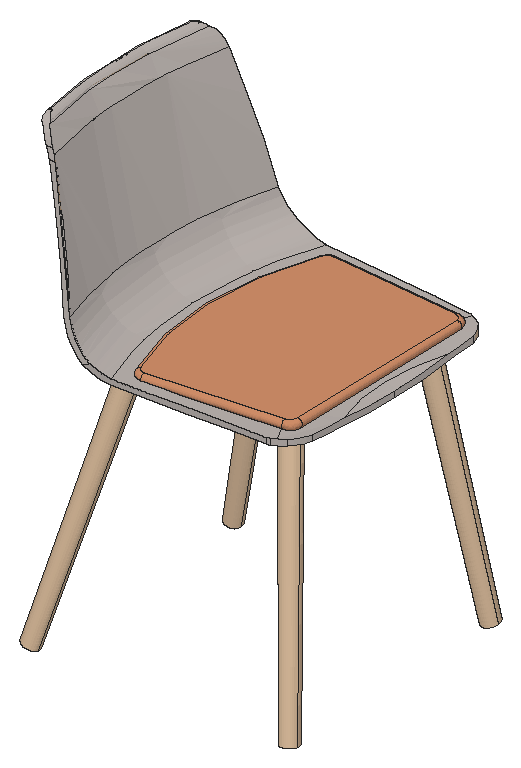
Revit family "FU_Chair_Sandler_VARYA_1-3", category Furniture, Revit 2020
Family settings
  OmniClass Number = 23.21.23.15.17
  Work Plane-Based = Yes
  Always vertical = No
  Cut with Voids When Loaded = No
  Shared = No
  Room Calculation Point = No
Parameters (values of type "VARYA 1.4")
  width = 465.000 mm
  Youtube clip = ""
  Uniformat II Description = "Movable Furnishings"
  Uniformat II Code = ""
  Uniclass 2015 Name = ""
  Uniclass 2015 Code = ""
  Uniclass 2.0 Description = ""
  Uniclass 2.0 Code = ""
  Uniclass 1.4 Description = ""
  Uniclass 1.4 Code = ""
  UNSPSC Code = ""
  Shell = TP02 : TP02
  Frame = BS03 : BS03
  Technical description = ""
  Shell Material = M2_M82
  Seat Material = Fabric - Aspect - Amalfi
  Height Frame = 455.000 mm
  Frame Material = Wood - Oak - Natural
  401D = no
  Region South America = "All"
  Region Oceania = "All"
  Region North America = "All"
  Region Middle East = "All"
  Region Europe = "All"
  Region Asia = "All"
  Region Antarctica = "All"
  Region Africa = "All"
  QR code = "https://www.sandlerseating.com/product/dunas-lounge-5-1/"
  Product url = ""
  Product name = "VARYA 1.4"
  Product group = "Chair"
  Product family = "Furniture"
  Product data url = "https://www.sandlerseating.com/product/varya-1-4/"
  Product certification = ""
  Product SKU = "??"
  Product Guid = "??"
  OmniClass Description = ""
  OmniClass Code = "23-21 23 15 17"
  NBS Reference Description = ""
  NBS Reference Code = ""
  Model = "VARYA 1.4"
  Masterformat 2014 Description = "Chair Mats"
  Masterformat 2014 Code = "12 48 43.13"
  Manufacturer name = "Sandler"
  Manufacturer country = "USA"
  Manufacturer = "Sandler"
  401G = no
  Installation instructions = ""
  IFC Classification = "Furnishing Element"
  GTIN code = ""
  Edition number = 1
  Design country = "Brasil"
  Description = "Chair"
  Default Elevation = 1219.200 mm
  Date of publishing = ""
  COBIe Type Category = ""
  Brand url = "https://www.sandlerseating.com/"
  BIMobject main category code = "furniture"
  BIMobject main category = "Furniture"
  BIMobject category code = "furniture-chair"
  BIMobject category = "Chair"
Types (2, lengths in mm): name | width | Shell | Shell Material | Seat Material | Frame Material | Product name | Product data url | Model
  VARYA 1.4 PP | 640.000 | TP01 : TP01 | M2_M38 | M2_M38 | Wood - Beech - Natural | "VARYA 1.4 PP" | "https://www.sandlerseating.com/product/varya-1-4-pp/" | "VARYA 1.4 PP"
  VARYA 1.4 | 465.000 | TP02 : TP02 | M2_M82 | Fabric - Aspect - Amalfi | Wood - Oak - Natural | "VARYA 1.4" | "https://www.sandlerseating.com/product/varya-1-4/" | "VARYA 1.4"
Reference planes
  plane 1 "Center Front/Back": y = 0
  plane 2: z = 0
  plane 3 "Center Left/Right": x = 0
  plane 4 "Heigth Shell": z = 455
  plane 5: z = 815
  plane 6: y = -232.5
  plane 7: y = 232.5
Dimensions and locks
  "Height Frame": plane 4 "Heigth Shell" to plane 2
  equal spacing: plane 6, plane 1 "Center Front/Back", plane 7
  "width": plane 6 to plane 7
  aligned and locked: level to plane 2
Nested families
  nested 1: "BS03" at (-51.25, 1.648, 0) x (0, 1, 0) z (0, 0, 1), type <- "Frame", Frame Material <- "Frame Material", type "BS03"
    with Frame Material Wood - Oak - Natural
  nested 2: "TP02" at (-60, 0, 424.2) x (0, 1, 0) z (0, 0, 1), type <- "Shell", Shell Material <- "Shell Material", Seat Material <- "Seat Material", type "TP02"
    with Shell Material M2_M82, Seat Material Fabric - Aspect - Amalfi
Definition of nested family "BS03"
  Parameters (values of type "BS03")
    Frame Material [instance] = none
    Default Elevation = 0.000 mm
  Reference planes
    plane 1 "Center (Front/Back)": y = 0
    plane 2: z = 0
    plane 3 "Center (Left/Right)": x = 0
  Forms (mm)
    SweptBlend 1, solid, material <- "Frame Material"
      path origin (-188.431, -50.962, 198.192) x (0, 1, 0) y (0.156434, 0, 0.987688)
        loop
          line (-133.261, 263.809) -> (-188.268, -195.449)
      profile origin (-147.163, -184.224, 458.754) x (-0.018604, 0.992903, -0.117459) y (0.987688, 0, -0.156434)
        loop
          circle (0, 0) r 18
      end profile origin (-219.006, -239.231, 5.149) x (-0.018604, 0.992903, -0.117459) y (0.987688, 0, -0.156434)
        loop
          circle (0, 0) r 15
    SweptBlend 2, solid, material <- "Frame Material"
      path origin (-188.431, -53.297, 206.798) x (0, 1, 0) y (0.156434, 0, 0.987688)
        loop
          line (136.681, 267.947) -> (263.296, -204.584)
      profile origin (-146.515, 83.384, 471.446) x (0.040488, 0.965926, 0.255633) y (0.987688, 0, -0.156434)
        loop
          circle (0, 0) r 18
      end profile origin (-220.435, 209.999, 4.733) x (0.040488, 0.965926, 0.255633) y (0.987688, 0, -0.156434)
        loop
          circle (0, 0) r 15
    SweptBlend 3, solid, material <- "Frame Material"
      path origin (188.431, -50.962, 198.192) x (0, 1, 0) y (0.156434, 0, -0.987688)
        loop
          line (-133.261, -263.809) -> (-188.268, 195.449)
      profile origin (147.163, -184.224, 458.754) x (-0.018604, -0.992903, 0.117459) y (-0.987688, 0, -0.156434)
        loop
          circle (0, 0) r 18
      end profile origin (219.006, -239.231, 5.149) x (-0.018604, -0.992903, 0.117459) y (-0.987688, 0, -0.156434)
        loop
          circle (0, 0) r 15
    SweptBlend 4, solid, material <- "Frame Material"
      path origin (188.431, -53.297, 206.798) x (0, 1, 0) y (0.156434, 0, -0.987688)
        loop
          line (136.681, -267.947) -> (263.296, 204.584)
      profile origin (146.515, 83.384, 471.446) x (0.040488, -0.965926, -0.255633) y (-0.987688, 0, -0.156434)
        loop
          circle (0, 0) r 18
      end profile origin (220.435, 209.999, 4.733) x (0.040488, -0.965926, -0.255633) y (-0.987688, 0, -0.156434)
        loop
          circle (0, 0) r 15
  Dimensions and locks
    aligned and locked: level to plane 2
Definition of nested family "TP02"
  Parameters (values of type "TP02")
    Youtube clip = ""
    Uniformat II Description = "Movable Furnishings"
    Uniformat II Code = ""
    Uniclass 2015 Name = ""
    Uniclass 2015 Code = ""
    Uniclass 2.0 Description = ""
    Uniclass 2.0 Code = ""
    Uniclass 1.4 Description = ""
    Uniclass 1.4 Code = ""
    UNSPSC Code = ""
    Technical description = ""
    Seat Material [instance] = none
    Default Elevation = 1219.200 mm
    401D = no
    Region South America = "All"
    Region Oceania = "All"
    Region North America = "All"
    Region Middle East = "All"
    Region Europe = "All"
    Region Asia = "All"
    Region Antarctica = "All"
    Region Africa = "All"
    QR code = "https://www.sandlerseating.com/product/dunas-lounge-5-1/"
    Product url = ""
    Product name = "Dunas Lounge 5.1"
    Product group = "Chair"
    Product family = "Furniture"
    Product data url = "https://www.sandlerseating.com/product/dunas-lounge-5-1/"
    Product certification = ""
    Product SKU = "??"
    Product Guid = "??"
    OmniClass Description = ""
    OmniClass Code = "23-21 23 15 17"
    NBS Reference Description = ""
    NBS Reference Code = ""
    Model = "Dunas Lounge 5.1"  # constant formula
    Masterformat 2014 Description = "Chair Mats"
    Masterformat 2014 Code = "12 48 43.13"
    Manufacturer name = "Sandler"
    Manufacturer country = "USA"
    Manufacturer = "Sandler"  # constant formula
    401G = yes
    Installation instructions = ""
    IFC Classification = "Furnishing Element"
    GTIN code = ""
    Edition number = 1
    Design country = "Brasil"
    Description = "Chair"  # constant formula
    Date of publishing = ""
    COBIe Type Category = ""
    Brand url = "https://www.sandlerseating.com/"
    Shell Material [instance] = none
    BIMobject main category code = "furniture"
    BIMobject main category = "Furniture"
    BIMobject category code = "furniture-chair"
    BIMobject category = "Chair"
  Reference planes
    plane 1 "Center Front/Back": y = 0
    plane 2: z = 0
    plane 3 "Center Left/Right": x = 0
    plane 4: y = 234.279
    plane 5: x = 400
    plane 6: x = -400
    plane 7: y = -500
    plane 8: x = -600
    plane 9: x = 600
    plane 10 "Pivo": y = -89.33
  Forms (mm)
    SweptBlend 1, solid, material <- "Shell Material"
      path origin (5.681, -212.5, 0) x (1, 0, 0) y (0, 1, 0)
        loop
          arc (-317.221, 139.285) -> (-9.402, 229.926) -> (301.107, 148.975) r 600
      profile "Profile Lateral : Profile Lateral" origin (-311.539, -73.215, 0) x (-0.528701, 0.848808, 0) y (0, 0, 1)
        loop
          arc (220.072, 373.875) -> (220.776, 379.083) -> (216.324, 381.876) r 4.851
          arc (216.324, 381.876) -> (209.979, 378.228) -> (205.376, 372.537) r 19.958
          arc (205.376, 372.537) -> (196.162, 356.573) -> (188.635, 339.748) r 179.403
          arc (188.635, 339.748) -> (162.543, 233.058) -> (144.335, 124.743) r 1498.854
          arc (144.335, 124.743) -> (120.197, 79.841) -> (74.028, 58.225) r 81.068
          line (74.028, 58.225) -> (-180.577, 50.222)
          arc (-180.577, 50.222) -> (-217.915, 49.974) -> (-255.089, 46.48) r 428.848
          arc (-255.089, 46.48) -> (-277.323, 40.838) -> (-297.701, 30.309) r 100.67
          arc (-297.701, 30.309) -> (-299.067, 23.371) -> (-292.129, 22.005) r 5
          arc (-292.129, 22.005) -> (-273.768, 31.491) -> (-253.736, 36.572) r 90.67
          arc (-253.736, 36.572) -> (-217.251, 39.995) -> (-180.606, 40.216) r 418.848
          line (-180.606, 40.216) -> (74.763, 48.243)
          arc (74.763, 48.243) -> (126.989, 72.501) -> (154.223, 123.238) r 91.068
          arc (154.223, 123.238) -> (172.269, 230.706) -> (198.126, 336.566) r 1488.854
          arc (198.126, 336.566) -> (205.277, 352.434) -> (214.019, 367.485) r 169.403
          arc (214.019, 367.485) -> (216.964, 370.757) -> (220.072, 373.875) r 86.344
      end profile "Profile Lateral : Profile Lateral" origin (306.788, -63.525, 0) x (0.501844, 0.864958, 0) y (0, 0, 1)
        loop
          arc (220.072, 373.875) -> (220.776, 379.083) -> (216.324, 381.876) r 4.851
          arc (216.324, 381.876) -> (209.979, 378.228) -> (205.376, 372.537) r 19.958
          arc (205.376, 372.537) -> (196.162, 356.573) -> (188.635, 339.748) r 179.403
          arc (188.635, 339.748) -> (162.543, 233.058) -> (144.335, 124.743) r 1498.854
          arc (144.335, 124.743) -> (120.197, 79.841) -> (74.028, 58.225) r 81.068
          line (74.028, 58.225) -> (-180.577, 50.222)
          arc (-180.577, 50.222) -> (-217.915, 49.974) -> (-255.089, 46.48) r 428.848
          arc (-255.089, 46.48) -> (-277.323, 40.838) -> (-297.701, 30.309) r 100.67
          arc (-297.701, 30.309) -> (-299.067, 23.371) -> (-292.129, 22.005) r 5
          arc (-292.129, 22.005) -> (-273.768, 31.491) -> (-253.736, 36.572) r 90.67
          arc (-253.736, 36.572) -> (-217.251, 39.995) -> (-180.606, 40.216) r 418.848
          line (-180.606, 40.216) -> (74.763, 48.243)
          arc (74.763, 48.243) -> (126.989, 72.501) -> (154.223, 123.238) r 91.068
          arc (154.223, 123.238) -> (172.269, 230.706) -> (198.126, 336.566) r 1488.854
          arc (198.126, 336.566) -> (205.277, 352.434) -> (214.019, 367.485) r 169.403
          arc (214.019, 367.485) -> (216.964, 370.757) -> (220.072, 373.875) r 86.344
    Extrusion 2, void
      sketch origin (5.681, 0, 0) x (1, 0, 0) y (0, 1, 0)
        loop
          line (-247.765, 106.22) -> (-247.765, 266.22) -> (-487.765, 266.22) -> (-487.765, -333.78) -> (-7.5, -333.78) -> (472.765, -333.78) -> (472.765, 266.22) -> (232.765, 266.22) -> (232.765, 106.22) -> (213.357, -213.191)
          arc (213.357, -213.191) -> (196.502, -241.247) -> (166.837, -255.077) r 55.957
          arc (166.837, -255.077) -> (79.688, -257.728) -> (-7.5, -258.12) r 3363.946
          arc (-7.5, -258.12) -> (-94.688, -257.728) -> (-181.837, -255.077) r 3363.946
          arc (-181.837, -255.077) -> (-211.502, -241.247) -> (-228.357, -213.191) r 55.957
          line (-228.357, -213.191) -> (-247.765, 106.22)
      from 0 to 250
    Extrusion 3, void
      sketch origin (5.681, 0, 0) x (1, 0, 0) y (0, 0, 1)
        loop
          line (232.252, 65.67) -> (445.023, 65.67) -> (445.023, 415.67) -> (145.999, 415.67) -> (145.999, 382.34)
          arc (145.999, 382.34) -> (169.969, 371.303) -> (183.516, 348.657) r 44.637
          line (183.516, 348.657) -> (232.252, 65.67)
        loop
          line (-246.936, 65.67) -> (-200.298, 330.165) -> (-196.12, 348.236)
          arc (-196.12, 348.236) -> (-183.265, 370.366) -> (-160.18, 381.415) r 43.434
          line (-160.18, 381.415) -> (-160.18, 415.67) -> (-460.023, 415.67) -> (-460.023, 65.67) -> (-246.936, 65.67)
      from -241.575 to -47.482
    Extrusion 4, solid, material <- "Seat Material"
      sketch origin (7.5, 0, 0) x (1, 0, 0) y (0, 1, 0)
        loop
          arc (-209.681, 32.791) -> (-219.206, 24.695) -> (-222.063, 12.524) r 20
          line (-222.063, 12.524) -> (-201.985, -216.973)
          arc (-201.985, -216.973) -> (-195.573, -229.976) -> (-182.061, -235.23) r 20
          line (-182.061, -235.23) -> (165.399, -235.23)
          arc (165.399, -235.23) -> (178.911, -229.976) -> (185.323, -216.973) r 20
          line (185.323, -216.973) -> (205.402, 12.524)
          arc (205.402, 12.524) -> (202.545, 24.695) -> (193.019, 32.791) r 20
          arc (193.019, 32.791) -> (-8.331, 72.209) -> (-209.681, 32.791) r 533.965
      from 50.222 to 65
    Sweep 5, void
      path in 3D
        loop
          arc (172.899, -235.23, 65) -> (186.411, -229.976, 65) -> (192.823, -216.973, 65) r 20
          line (192.823, -216.973, 65) -> (212.902, 12.524, 65)
          arc (212.902, 12.524, 65) -> (210.045, 24.695, 65) -> (200.519, 32.791, 65) r 20
          arc (200.519, 32.791, 65) -> (-0.831, 72.209, 65) -> (-202.181, 32.791, 65) r 533.965
          arc (-202.181, 32.791, 65) -> (-211.706, 24.695, 65) -> (-214.563, 12.524, 65) r 20
          line (-214.563, 12.524, 65) -> (-194.485, -216.973, 65)
          arc (-194.485, -216.973, 65) -> (-188.073, -229.976, 65) -> (-174.561, -235.23, 65) r 20
          line (-174.561, -235.23, 65) -> (172.899, -235.23, 65)
      profile origin (-0.831, -235.23, 65) x (0, 1, 0) y (0, 0, 1)
        loop
          line (7.389, 0) -> (-2.611, 0) -> (-2.611, -14.778) -> (7.389, -14.778)
          arc (7.389, -14.778) -> (0, -7.389) -> (7.389, 0) r 7.389
  Cuts and joins
    Extrusion 2, Extrusion 3 cuts SweptBlend 1
    Sweep 5 cuts Extrusion 4
  Lines and regions (mm)
    sketch lines
      curve 1: line (-174.561, -235.23, 65) -> (172.899, -235.23, 65)
      curve 2: arc (192.823, -216.973, 65) -> (186.411, -229.976, 65) -> (172.899, -235.23, 65) r 20
      curve 3: line (192.823, -216.973, 65) -> (212.902, 12.524, 65)
      curve 4: arc (200.519, 32.791, 65) -> (210.045, 24.695, 65) -> (212.902, 12.524, 65) r 20
      curve 5: arc (-202.181, 32.791, 65) -> (-0.831, 72.209, 65) -> (200.519, 32.791, 65) r 533.965
      curve 6: arc (-214.563, 12.524, 65) -> (-211.706, 24.695, 65) -> (-202.181, 32.791, 65) r 20
      curve 7: line (-214.563, 12.524, 65) -> (-194.485, -216.973, 65)
      curve 8: arc (-174.561, -235.23, 65) -> (-188.073, -229.976, 65) -> (-194.485, -216.973, 65) r 20
  Dimensions and locks
    equal spacing: plane 6, plane 3 "Center Left/Right", plane 5
    plane 6 to plane 3 "Center Left/Right" = 400.000 mm
    aligned and locked: level to plane 2
  Automatic sketch dimensions
    plane 3 "Center Left/Right" to SweptBlend 1 sketch curve = 5.681 mm
    SweptBlend 1 sketch curve to plane 7 = 82.500 mm
    plane 6 to SweptBlend 1 sketch curve = 88.461 mm
    SweptBlend 1 sketch curve to plane 5 = 93.212 mm
    plane 1 "Center Front/Back" to SweptBlend 1 sketch curve = 73.215 mm
    Extrusion 2 sketch curve to plane 3 "Center Left/Right" = 1.819 mm  (x2)
    Extrusion 2 sketch curve to plane 3 "Center Left/Right" = 30.298 mm
    Extrusion 2 sketch curve to plane 3 "Center Left/Right" = 168.378 mm
    Extrusion 2 sketch curve to Extrusion 2 sketch curve = 54.298 mm  (x2)
    plane 6 to Extrusion 2 sketch curve = 157.917 mm
    Extrusion 2 sketch curve to plane 6 = 82.083 mm
    plane 3 "Center Left/Right" to Extrusion 2 sketch curve = 26.661 mm
    plane 3 "Center Left/Right" to Extrusion 2 sketch curve = 164.741 mm
    Extrusion 2 sketch curve to plane 5 = 161.554 mm
    plane 5 to Extrusion 2 sketch curve = 78.446 mm
    plane 1 "Center Front/Back" to Extrusion 2 sketch curve = 213.191 mm  (x2)
    Extrusion 2 sketch curve to Extrusion 2 sketch curve = 13.528 mm  (x2)
    Extrusion 2 sketch curve to plane 1 "Center Front/Back" = 106.220 mm  (x2)
    plane 4 to Extrusion 2 sketch curve = 31.941 mm  (x2)
    Extrusion 2 sketch curve to Extrusion 2 sketch curve = 2839.485 mm
    Extrusion 2 sketch curve to Extrusion 2 sketch curve = 0.000 mm
    plane 7 to Extrusion 2 sketch curve = 166.220 mm
    Extrusion 2 sketch curve to Extrusion 2 sketch curve = 7.778 mm
    Extrusion 3 sketch curve to plane 6 = 54.341 mm
    level to Extrusion 3 sketch curve = 65.670 mm  (x2)
    plane 6 to Extrusion 3 sketch curve = 158.746 mm
    plane 6 to Extrusion 3 sketch curve = 205.383 mm
    Extrusion 3 sketch curve to Extrusion 3 sketch curve = 4.178 mm
    Extrusion 3 sketch curve to Extrusion 3 sketch curve = 35.941 mm
    Extrusion 3 sketch curve to Extrusion 3 sketch curve = 6.377 mm
    plane 3 "Center Left/Right" to Extrusion 3 sketch curve = 145.830 mm
    Extrusion 3 sketch curve to Extrusion 3 sketch curve = 5.851 mm
    plane 5 to Extrusion 3 sketch curve = 50.704 mm
    Extrusion 3 sketch curve to Extrusion 3 sketch curve = 264.495 mm
    Extrusion 3 sketch curve to Extrusion 3 sketch curve = 272.419 mm
    Extrusion 3 sketch curve to Extrusion 3 sketch curve = 8.287 mm
    Extrusion 3 sketch curve to Extrusion 3 sketch curve = 18.071 mm
    Extrusion 3 sketch curve to Extrusion 3 sketch curve = 44.252 mm
    Extrusion 3 sketch curve to Extrusion 3 sketch curve = 34.255 mm
    Extrusion 3 sketch curve to Extrusion 3 sketch curve = 33.330 mm
    Extrusion 3 sketch curve to Extrusion 3 sketch curve = 43.368 mm
    Extrusion 3 sketch curve to plane 5 = 162.066 mm
    Extrusion 4 sketch curve to plane 1 "Center Front/Back" = 12.524 mm  (x2)
    plane 6 to Extrusion 4 sketch curve = 185.437 mm
    Extrusion 4 sketch curve to Extrusion 4 sketch curve = 19.924 mm  (x4)
    plane 6 to Extrusion 4 sketch curve = 205.515 mm
    Extrusion 4 sketch curve to plane 3 "Center Left/Right" = 0.831 mm
    plane 3 "Center Left/Right" to Extrusion 4 sketch curve = 172.899 mm
    Extrusion 4 sketch curve to plane 1 "Center Front/Back" = 14.267 mm  (x2)
    Extrusion 4 sketch curve to Extrusion 4 sketch curve = 20.078 mm
    plane 1 "Center Front/Back" to Extrusion 4 sketch curve = 215.230 mm
    Extrusion 4 sketch curve to Extrusion 4 sketch curve = 1.743 mm
    Extrusion 4 sketch curve to Extrusion 4 sketch curve = 20.000 mm
    plane 7 to Extrusion 4 sketch curve = 38.244 mm
    Extrusion 4 sketch curve to Extrusion 4 sketch curve = 0.000 mm
    Sweep 5 sketch curve to profile plane = 0.000 mm
    Sweep 5 sketch curve to profile plane = 7.389 mm
    Sweep 5 sketch curve to Sweep 5 sketch curve = 7.389 mm
    profile plane to Sweep 5 sketch curve = 2.611 mm
